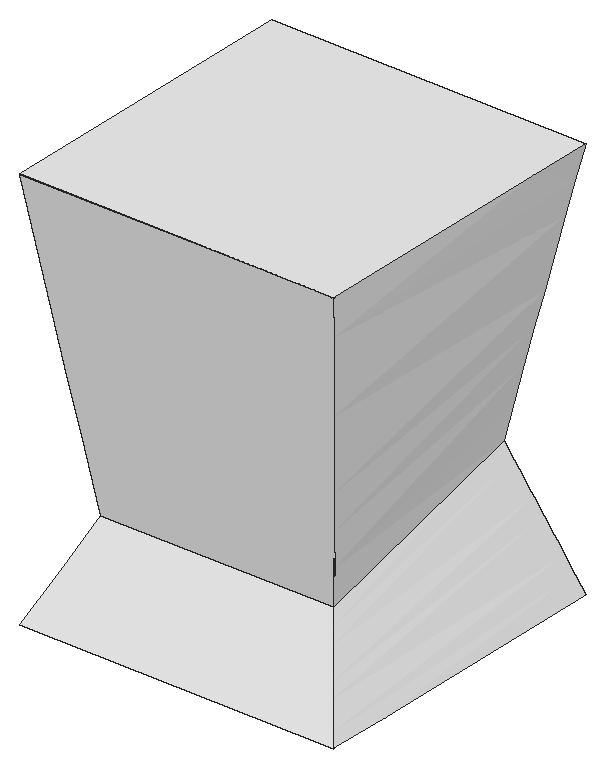
Revit family
Parameters
  Width = 1' - 2"  # constant formula
  URL = "http://elanbydecca.com/"
  Base [instance] = Furniture - DECCA (Elan) - Vertex - Base
  Product URL = "http://elanbydecca.com/PDFs/elan_tearsheet-vertex.pdf"
  Model = "VT ST100V"
  Manufacturer = "Decca Contract"
  Height = 1' - 6"  # constant formula
  Description = "Vertex, Side Table"
  Depth = 1' - 2"  # constant formula
  Assembly Description = "Furniture & Accessories"
  Assembly Code = "E2020200"
Reference planes (in)
  plane 1 "Center Front/Back": y = -0.7524
  plane 2: z = 0
  plane 3 "Center Left/Right": x = 0
  plane 4 "L": x = -7
  plane 5 "R": x = 7
  plane 6 "F": y = -7.7524
  plane 7: y = 6.2476
  plane 8: through (-6.25338, 2.33237, 23.38953) normal (0.4297, -0.4297, 0.7941)
  plane 9: z = 18
  plane 10: z = 17.625
  plane 11: y = 7.2476
  plane 12: y = -8.7524
  plane 13: through (0, 4.67457, 5.97753) normal (0, -0.1896, 0.9819)
  plane 14: z = 3.38545
  plane 15: z = 6.47425
Forms (in)
  Extrusion 1, solid, material "Furniture - DECCA (Elan) - Vertex - Base" <- "Base"
    sketch origin (0, 0, 8.32075) x (0, -1, 0) y (1, 0, 0)
      loop
        line (-6.2476, -7) -> (7.7524, -7) -> (7.7524, 7) -> (-6.2476, 7) -> (-6.2476, -7)
    from -8.32075 to 9.67925
  Extrusion 2, void
    sketch origin (0, 0, 0) x (0, 1, 0) y (0, 0, 1)
      loop
        line (6.2476, 0) -> (6.37335, 0) -> (6.37335, 17.971) -> (6.2476, 17.971) -> (4.67457, 5.97753) -> (6.2476, 0)
      loop
        line (-7.7524, 17.971) -> (-8.2524, 17.971) -> (-8.2524, 0) -> (-7.7524, 0) -> (-5.51083, 4.01124) -> (-7.7524, 17.971)
    from -8.86542 to 9.00469
  Blend 3, void
    base sketch origin (0, -16.42176, 0) x (1, 0, 0) y (0, 0, -1)
      loop
        line (-4.48315, -6.47425) -> (-7, 0) -> (-7.33143, 0) -> (-7.33143, -17.971) -> (-7, -17.971) -> (-4.48315, -6.47425)
    top sketch origin (0, -16.42176, 0) x (1, 0, 0) y (0, 0, -1)
      loop
        line (-5.35645, -3.38545) -> (-7, 0) -> (-7.26092, 0) -> (-7.26092, -17.971) -> (-7, -17.971) -> (-5.35645, -3.38545)
    from 23.66936 to 7.66936
  Blend 4, void
    base sketch origin (0, -16.42176, 0) x (-1, 0, 0) y (0, 0, 1)
      loop
        line (-4.48315, 6.47425) -> (-7, 17.971) -> (-7.33143, 17.971) -> (-7.33143, 0) -> (-7, 0) -> (-4.48315, 6.47425)
    top sketch origin (0, -16.42176, 0) x (-1, 0, 0) y (0, 0, 1)
      loop
        line (-5.35645, 3.38545) -> (-7, 17.971) -> (-7.26092, 17.971) -> (-7.26092, 0) -> (-7, 0) -> (-5.35645, 3.38545)
    from 23.66936 to 7.66936
Cuts and joins
  Extrusion 2, Blend 3, Blend 4 cuts Extrusion 1
Dimensions and locks (in)
  equal spacing: plane 4 "L", plane 3 "Center Left/Right", plane 5 "R"
  equal spacing: plane 7, plane 1 "Center Front/Back", plane 6 "F"
  "Width": plane 4 "L" to plane 5 "R"
  "Depth": plane 7 to plane 6 "F"
  "Height": plane 9 to level
  locked: plane 9 to plane 10 at 0.375
  aligned and locked: plane 4 "L" to Extrusion 1 sketch curve
  aligned and locked: plane 7 to Extrusion 1 sketch curve
  aligned and locked: plane 6 "F" to Extrusion 1 sketch curve
  aligned and locked: Extrusion 1 sketch curve to plane 5 "R"
  aligned and locked: Extrusion 1 to level
  aligned and locked: plane 9 to Extrusion 1
Automatic sketch dimensions
  Extrusion 2 sketch curve to level = 0' - 0"  (x2)
  Extrusion 2 sketch curve to plane 6 "F" = 0' - 0"  (x2)
  Extrusion 2 sketch curve to plane 13 = 0' - 0"  (x2)
  Extrusion 2 sketch curve to plane 6 "F" = 0' - 0 1/2"
  plane 7 to Extrusion 2 sketch curve = 0' - 0"
  Extrusion 2 sketch curve to Extrusion 2 sketch curve = 0' - 0.12575"
  Blend 3 sketch curve to level = 0' - 0"  (x2)
  Blend 3 sketch curve to plane 4 "L" = 0' - 0"  (x4)
  Blend 3 sketch curve to plane 15 = 0' - 0"
  Blend 3 sketch curve to Blend 3 sketch curve = 0' - 0.33143"
  Blend 3 sketch curve to plane 4 "L" = 0' - 2.51685"
  plane 9 to Blend 3 sketch curve = 0' - 0.029"  (x2)
  Blend 3 sketch curve to plane 14 = 0' - 0"
  Blend 3 sketch curve to Blend 3 sketch curve = 0' - 0.26092"
  Blend 3 sketch curve to plane 4 "L" = 0' - 1.64355"
  Blend 4 sketch curve to level = 0' - 0"  (x2)
  plane 5 "R" to Blend 4 sketch curve = 0' - 0"  (x4)
  Blend 4 sketch curve to plane 15 = 0' - 0"
  Blend 4 sketch curve to Blend 4 sketch curve = 0' - 0.33143"
  plane 5 "R" to Blend 4 sketch curve = 0' - 2.51685"
  Blend 4 sketch curve to plane 9 = 0' - 0.029"  (x2)
  Blend 4 sketch curve to plane 14 = 0' - 0"
  Blend 4 sketch curve to Blend 4 sketch curve = 0' - 0.26092"
  plane 5 "R" to Blend 4 sketch curve = 0' - 1.64355"
  Extrusion 2 sketch curve to plane 7 = 0' - 0"
  Extrusion 2 sketch curve to plane 14 = 0' - 0.62579"
  plane 15 to Extrusion 2 sketch curve = 0' - 0.49672"
  Extrusion 2 sketch curve to plane 9 = 0' - 0.029"  (x2)
